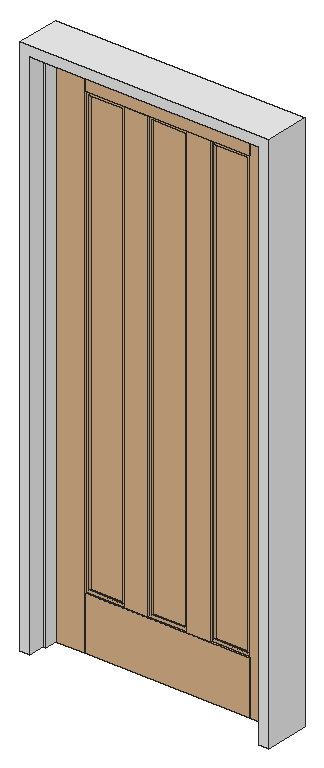
Revit family
Parameters (values of type "1 3/4" Flat Panel")
  URL = "http://www.karonadoor.com"
  Thickness Note = "Do not edit thickness."  # constant formula
  Thickness = 1.774"
  Swing Angle 2D = 90.00°
  SmartBIM Object Version = 1  # constant formula
  SmartBIM Object Created By = "Reed Construction Data"  # constant formula
  Rough Width = 0.000"
  Rough Height = 1.750"
  Panel = Panel_K3030_Karona : 1 3/4" - Flat Panel
  Model = "K3030 Mission"  # constant formula
  Manufacturer = "Karona , Inc."  # constant formula
  Detail Door Thickness = 1.750"
  Assembly Code = ""
  Top Rail Height = 5.000"
  Top Rail = Wood, Cherry - Grain Horizontal
  Stile Width = 5.063"
  Stile = Wood, Cherry - Grain Vertical
  Sticking = Wood, Cherry - Grain Vertical
  Middle Rail = Wood, Cherry - Grain Horizontal
  Height = 84.000"
  Wall Closure = (empty or 0)
  Width = 36.000"
  Frame = Metal
  Bottom Rail Height = 8.500"
  Bottom Rail = Wood, Cherry - Grain Horizontal
  95 CSI = "08210"  # constant formula
  04 CSI = "08 14 33"  # constant formula
Types (9): name | Thickness | Rough Height | Panel | Detail Door Thickness
  1 3/4" Flat Panel | 1.774" | 1.750" | Panel_K3030_Karona : 1 3/4" - Flat Panel | 1.750"
  1 3/8" Flat Panel | 1.334" | 0.000" | Panel_K3030_Karona : 1 3/8" - Flat Panel | 1.375"
  2 1/4" Flat Panel | 2.250" | 0.000" | Panel_K3030_Karona : 2 1/4" - Flat Panel | 2.250"
  1 3/4" Glass Panel | 1.774" | 1.750" | Panel_K3030_Karona : 1 3/4" - Glass Panel | 1.750"
  1 3/8" Glass Panel | 1.334" | 0.000" | Panel_K3030_Karona : 1 3/8" - Glass Panel | 1.375"
  2 1/4" Glass Panel | 2.250" | 0.000" | Panel_K3030_Karona : 2 1/4" - Glass | 2.250"
  1 3/4" Raised Panel | 1.774" | 1.750" | Panel_K3030_Karona : 1 3/4" - Raised Panel | 1.750"
  1 3/8" Raised Panel | 1.334" | 0.000" | Panel_K3030_Karona : 1 3/8" - Raised Panel | 1.375"
  2 1/4" Raised Panel | 2.250" | 0.000" | Panel_K3030_Karona : 2 1/4" - Raised Panel | 2.250"
Reference planes (in)
  plane 1 "Center (Front/Back)": y = 0
  plane 2 "Center (Left/Right)": x = 0
  plane 3 "Left": x = -18
  plane 4 "Right": x = 18
  plane 5 "Top": z = 84
  plane 6 "Exterior Edge of Frame": y = 3.5
  plane 7 "Interior Edge of Frame": y = -3.5
  plane 8: y = 1
  plane 9: y = -1
  plane 10 "Opening Left": x = -19.5
  plane 11 "Opening Right": x = 19.5
  plane 12 "Top of Opening": z = 85.5
  plane 13: x = -17.5
Forms (in)
  Sweep 1, solid, material "Metal" <- "Frame"
    path origin (0, 0, 0) x (1, 0, 0) y (0, 0, 1)
      loop
        line (-19.5, 0) -> (-19.5, 85.5) -> (19.5, 85.5) -> (19.5, 0)
    profile origin (-19.5, 0, 42.75) x (-1, 0, 0) y (0, -1, 0)
      loop
        line (0, -3.5) -> (0, 3.5) -> (-1.5, 3.5) -> (-1.5, 1) -> (-2, 1) -> (-2, -1) -> (-1.5, -1) -> (-1.5, -3.5) -> (0, -3.5)
Lines and regions (in)
  Opening 1
    outline origin (-90, -3, 0) x (1, 0, 0) y (0, 0, 1)
      loop
        line (70.5, 0) -> (109.5, 0) -> (109.5, 85.5) -> (70.5, 85.5) -> (70.5, 0)
  symbolic lines, style "Elevation Swing"
    curve 1: line (18, 3, 0) -> (-18, 3, 42)
    curve 2: line (-18, 3, 42) -> (18, 3, 84)
Text (in)
  text "Exterior" at (-46.13199, 20.20143, 0), in view "Ref. Level"
  text "Interior" at (-46.13199, -10.56751, 0), in view "Ref. Level"
  text "Exterior" at (0, 40.15149, 123.01588), in view "Right"
  text "Interior" at (0, -64.39139, 123.01588), in view "Right"
  text "Interior" at (0, -31.01599, 123.00693), in view "Left"
  text "Exterior" at (0, 54.57065, 123.00693), in view "Left"
Dimensions and locks (in)
  "Height": level to plane 5 "Top"
  "Width": plane 3 "Left" to plane 4 "Right"
  equal spacing: host wall, curve 2, plane 5 "Top"
  locked: host wall to plane 7 "Interior Edge of Frame" at 0.5
  locked: plane 6 "Exterior Edge of Frame" to host wall at 0.5
  locked: plane 9 to plane 7 "Interior Edge of Frame" at 2.5
  locked: plane 6 "Exterior Edge of Frame" to plane 8 at 2.5
  equal spacing: plane 3 "Left", plane 2 "Center (Left/Right)", plane 4 "Right"
  locked: plane 4 "Right" to plane 11 "Opening Right" at 1.5
  locked: plane 5 "Top" to plane 12 "Top of Opening" at 1.5
  locked: plane 3 "Left" to plane 13 at 0.5
  locked: plane 10 "Opening Left" to plane 3 "Left" at 1.5
  aligned and locked: Opening 1 sketch curve to level
  aligned and locked: plane 4 "Right" to curve 1
  aligned and locked: plane 3 "Left" to curve 1
  aligned and locked: plane 5 "Top" to curve 2
  aligned and locked: Opening 1 sketch curve to plane 11 "Opening Right"
  aligned and locked: plane 12 "Top of Opening" to Opening 1 sketch curve
  aligned and locked: Opening 1 sketch curve to plane 10 "Opening Left"
  aligned and locked: plane 10 "Opening Left" to Sweep 1 sketch curve
  aligned and locked: plane 12 "Top of Opening" to Sweep 1 sketch curve
  aligned and locked: plane 11 "Opening Right" to Sweep 1 sketch curve
  aligned and locked: level to Sweep 1 sketch curve  (x2)
  aligned and locked: Sweep 1 sketch curve to plane 10 "Opening Left"
  aligned and locked: Sweep 1 sketch curve to plane 6 "Exterior Edge of Frame"
  aligned and locked: Sweep 1 sketch curve to plane 7 "Interior Edge of Frame"
  aligned and locked: Sweep 1 sketch curve to plane 8
  aligned and locked: Sweep 1 sketch curve to plane 9
  aligned and locked: plane 13 to Sweep 1 sketch curve
  aligned and locked: plane 3 "Left" to Sweep 1 sketch curve  (x2)
  aligned and locked: nested 1 to plane 2 "Center (Left/Right)"
  aligned and locked: nested 1 to plane 8
  aligned and locked: nested 2 to plane 3 "Left"
  aligned and locked: nested 2 to plane 8
Automatic sketch dimensions
  curve 1 to level = 0.000"
  curve 2 to plane 4 "Right" = 0.000"
Nested families (in)
  nested 1: "Panel_K3030_Karona" at (-13.5, 0.6575, 0) x (-1, 0, 0) z (0, 0, 1), type <- "Panel", type "1 3/4" - Flat Panel"
    with Panel Height 70.500", Height 84.000"
  nested 2: "Door Panel Plan View" at (-31.5, 1, 0) x (-1, 0, 0) z (0, 0, 1), type "Door Panel Plan View"
    with Thickness 1.750", Height 84.000"
Definition of nested family "Panel_K3030_Karona"
  Parameters (values of type "1 3/4" - Flat Panel")
    Width = 36.000"
    Top Rail Material = Wood, Cherry - Grain Horizontal
    Top Rail Height = 5.000"
    Thickness Note = "Do not change door thickness"  # constant formula
    Thickness = 1.774"
    Stile Width = 5.063"
    Stile Material = Wood, Cherry - Grain Vertical
    Sticking Material = Wood, Cherry - Grain Vertical
    Panel Width = (Width - (2 * Stile Width) - (2 * Mullion Width)) / 3  # 6.208"
    Panel Height = Height - (Bottom Rail Height + Top Rail Height)  # 66.500"
    Panel = Glass-Sticking-Assembly-Mission_Karona : Flat Panel
    Mullion Width = 3.625"  # constant formula
    Interior Panel = Wood, Cherry - Grain Vertical
    Height = 80.000"
    Half Panel Width = 0.5 * Panel Width  # 3.104"
    Exterior Edge - Glass Bottom Offset = if(Thickness = 1.774", 0.567", if(Thickness = 2.250", 0.803", 0.469"))  # 0.567"
    Door Panel Material = Wood, Cherry - Grain Vertical
    Default Elevation = 0.000"  # constant formula
    Bottom Rail Material = Wood, Cherry - Grain Horizontal
    Bottom Rail Height = 8.500"
    Assembly Code = ""
  Types (9): name | Thickness | Stile Width | Panel Width | Panel | Interior Panel | Half Panel Width | Exterior Edge - Glass Bottom Offset
    2 1/4" - Flat Panel | 2.250" | 5.250" | 6.08333" | Glass-Sticking-Assembly-Mission_Karona : Flat Panel | Wood, Cherry - Grain Vertical | 3.04167" | 0.803"
    2 1/4" - Glass | 2.250" | 5.250" | 6.08333" | Glass-Sticking-Assembly-Mission_Karona : Glass Panel | Glass | 3.04167" | 0.803"
    2 1/4" - Raised Panel | 2.250" | 5.250" | 6.08333" | Glass-Sticking-Assembly-Mission_Karona : Raised Panel | Wood, Cherry - Grain Vertical | 3.04167" | 0.803"
    1 3/4" - Raised Panel | 1.774" | 5.250" | 6.08333" | Glass-Sticking-Assembly-Mission_Karona : Raised Panel | Wood, Cherry - Grain Vertical | 3.04167" | 0.567"
    1 3/4" - Flat Panel | 1.774" | 5.063" | 6.208" | Glass-Sticking-Assembly-Mission_Karona : Flat Panel | Wood, Cherry - Grain Vertical | 3.104" | 0.567"
    1 3/4" - Glass Panel | 1.774" | 5.250" | 6.08333" | Glass-Sticking-Assembly-Mission_Karona : Glass Panel | Glass | 3.04167" | 0.567"
    1 3/8" - Raised Panel | 1.334" | 5.250" | 6.08333" | Glass-Sticking-Assembly-Mission_Karona : Raised Panel | Wood, Cherry - Grain Vertical | 3.04167" | 0.469"
    1 3/8" - Glass Panel | 1.334" | 5.250" | 6.08333" | Glass-Sticking-Assembly-Mission_Karona : Glass Panel | Glass | 3.04167" | 0.469"
    1 3/8" - Flat Panel | 1.334" | 5.250" | 6.08333" | Glass-Sticking-Assembly-Mission_Karona : Flat Panel | Wood, Cherry - Grain Horizontal | 3.04167" | 0.469"
  Reference planes (in)
    plane 1 "Center (Front/Back)": y = 1.2295
    plane 2: z = 0
    plane 3 "Center (Left/Right)": x = -13.5
    plane 4 "Left": x = -31.5
    plane 5: x = 4.5
    plane 6 "Inner Left": x = -26.437
    plane 7 "Inner Right": x = -0.563
    plane 8: z = 8.5
    plane 9 "Bottom Of Top Rail": z = 75
    plane 10 "Top": z = 80
    plane 11 "Interior Edge of Door": y = 2.1165
    plane 12: z = 75
    plane 13 "Exterior Edge of Door": y = 0.3425
    plane 14 "Bottom of Glass": y = 0.9095
    plane 15 "Left Panel Vertical Midline": x = -23.333
    plane 16 "Right Panel Vertical Midline": x = -3.667
    plane 17 "Center of Left Vertical Mullion": x = -18.4165
    plane 18 "Center of Right Vertical Mullion": x = -8.5835
  Forms (in)
    Extrusion 1, solid, material "Wood, Cherry - Grain Horizontal" <- "Bottom Rail Material"
      sketch origin (0, -101.3125, 0) x (1, 0, 0) y (0, 0, 1)
        loop
          line (-26.437, 0) -> (-0.563, 0) -> (-0.563, 8.5) -> (-26.437, 8.5) -> (-26.437, 0)
      from -103.429 to -101.655
    Extrusion 2, solid, material "Wood, Cherry - Grain Vertical" <- "Stile Material"
      sketch origin (0, 1.2295, 0) x (1, 0, 0) y (0, 0, 1)
        loop
          line (-31.5, 80) -> (-31.5, 0) -> (-26.437, 0) -> (-26.437, 80) -> (-31.5, 80)
        loop
          line (-0.563, 0) -> (4.5, 0) -> (4.5, 80) -> (-0.563, 80) -> (-0.563, 0)
      from -0.887 to 0.887
    Extrusion 3, solid, material "Wood, Cherry - Grain Horizontal" <- "Top Rail Material"
      sketch origin (0, 1.2295, 0) x (1, 0, 0) y (0, 0, 1)
        loop
          line (-26.437, 80) -> (-26.437, 75) -> (-0.563, 75) -> (-0.563, 80) -> (-26.437, 80)
      from -0.887 to 0.887
    Extrusion 4, solid, material "Wood, Cherry - Grain Vertical" <- "Stile Material"
      sketch origin (0, 1.2295, 0) x (1, 0, 0) y (0, 0, 1)
        loop
          line (-20.229, 8.5) -> (-16.604, 8.5) -> (-16.604, 75) -> (-20.229, 75) -> (-20.229, 8.5)
        loop
          line (-10.396, 8.5) -> (-6.771, 8.5) -> (-6.771, 75) -> (-10.396, 75) -> (-10.396, 8.5)
      from -0.887 to 0.887
  Text (in)
    text "EXTERIOR" at (-34.59289, -1.27941, 0), in view "Ref. Level"
    text "EXTERIOR" at (0, -9.65287, 72.76687), in view "Left"
    text "EXTERIOR" at (0, -33.33473, 96.68074), in view "Right"
  Dimensions and locks (in)
    equal spacing: plane 4 "Left", plane 3 "Center (Left/Right)", plane 5
    "Width": plane 4 "Left" to plane 5
    "Stile Width": plane 4 "Left" to plane 6 "Inner Left"
    "Stile Width": plane 5 to plane 7 "Inner Right"
    "Bottom Rail Height": plane 8 to plane 2
    "Top Rail Height": plane 10 "Top" to plane 9 "Bottom Of Top Rail"
    "Height": plane 10 "Top" to plane 2
    equal spacing: plane 11 "Interior Edge of Door", plane 1 "Center (Front/Back)", plane 13 "Exterior Edge of Door"
    "Thickness": plane 11 "Interior Edge of Door" to plane 13 "Exterior Edge of Door"
    "Exterior Edge - Glass Bottom Offset": plane 14 "Bottom of Glass" to plane 13 "Exterior Edge of Door"
    "Exterior Edge - Glass Bottom Offset": plane 13 "Exterior Edge of Door" to plane 14 "Bottom of Glass"
    "Half Panel Width": plane 15 "Left Panel Vertical Midline" to plane 6 "Inner Left"
    "Half Panel Width": plane 7 "Inner Right" to plane 16 "Right Panel Vertical Midline"
    equal spacing: plane 3 "Center (Left/Right)", plane 17 "Center of Left Vertical Mullion", plane 15 "Left Panel Vertical Midline"
    equal spacing: Extrusion 4 sketch curve, plane 17 "Center of Left Vertical Mullion", Extrusion 4 sketch curve
    locked: Extrusion 4 sketch curve to Extrusion 4 sketch curve at 3.625  (x2)
    equal spacing: plane 16 "Right Panel Vertical Midline", plane 18 "Center of Right Vertical Mullion", plane 3 "Center (Left/Right)"
    equal spacing: Extrusion 4 sketch curve, plane 18 "Center of Right Vertical Mullion", Extrusion 4 sketch curve
    aligned and locked: Extrusion 1 to plane 2
    aligned and locked: plane 11 "Interior Edge of Door" to Extrusion 1
    aligned and locked: plane 4 "Left" to Extrusion 2 sketch curve
    aligned and locked: Extrusion 2 sketch curve to plane 10 "Top"
    aligned and locked: Extrusion 2 sketch curve to Extrusion 1  (x3)
    aligned and locked: Extrusion 1 to Extrusion 2 sketch curve
    aligned and locked: plane 10 "Top" to Extrusion 2 sketch curve
    aligned and locked: plane 5 to Extrusion 2 sketch curve
    aligned and locked: plane 11 "Interior Edge of Door" to Extrusion 2
    aligned and locked: Extrusion 2 to Extrusion 3 sketch curve
    aligned and locked: Extrusion 3 sketch curve to Extrusion 2
    aligned and locked: plane 11 "Interior Edge of Door" to Extrusion 3
    aligned and locked: plane 12 to plane 9 "Bottom Of Top Rail"
    aligned and locked: level to plane 2
    aligned and locked: Extrusion 3 to plane 13 "Exterior Edge of Door"
    aligned and locked: Extrusion 3 to plane 11 "Interior Edge of Door"
    aligned and locked: Extrusion 2 to plane 13 "Exterior Edge of Door"
    aligned and locked: Extrusion 3 to plane 12
    aligned and locked: Extrusion 1 to Extrusion 2
    aligned and locked: nested 1 to plane 8
    aligned and locked: nested 1 to plane 1 "Center (Front/Back)"
    aligned and locked: nested 1 to plane 15 "Left Panel Vertical Midline"
    aligned and locked: nested 2 to plane 8
    aligned and locked: nested 3 to plane 8
    aligned and locked: plane 3 "Center (Left/Right)" to nested 3
    aligned and locked: nested 3 to plane 1 "Center (Front/Back)"
    aligned and locked: nested 2 to plane 1 "Center (Front/Back)"
    aligned and locked: nested 2 to plane 16 "Right Panel Vertical Midline"
    aligned and locked: Extrusion 4 sketch curve to plane 12  (x2)
    aligned and locked: Extrusion 4 sketch curve to plane 8  (x2)
    aligned and locked: plane 11 "Interior Edge of Door" to Extrusion 4
    aligned and locked: Extrusion 4 to plane 13 "Exterior Edge of Door"
  Automatic sketch dimensions
    Extrusion 1 sketch curve to plane 6 "Inner Left" = 0.000"
    Extrusion 1 sketch curve to plane 7 "Inner Right" = 0.000"
    Extrusion 1 sketch curve to level = 0.000"
    Extrusion 1 sketch curve to plane 8 = 0.000"
    Extrusion 3 sketch curve to plane 7 "Inner Right" = 0.000"
    plane 9 "Bottom Of Top Rail" to Extrusion 3 sketch curve = 0.000"
  Nested families (in)
    nested 1: "Glass-Sticking-Assembly-Mission_Karona" at (-23.80175, 1.38, 8.5), Width <- "Panel Width", Height <- "Panel Height", type <- "Panel", type "Flat Panel"
      with Width 6.208", Height 66.500", Stop Adjustment 0.513", Door Thickness 1.774", C 0.200", B 0.567", A 0.197"
    nested 2: "Glass-Sticking-Assembly-Mission_Karona" at (-4.13575, 1.38, 8.5), Width <- "Panel Width", Height <- "Panel Height", type <- "Panel", type "Flat Panel"
      with Width 6.208", Height 66.500", Stop Adjustment 0.513", Door Thickness 1.774", C 0.200", B 0.567", A 0.197"
    nested 3: "Glass-Sticking-Assembly-Mission_Karona" at (-13.96875, 1.38, 8.5), Width <- "Panel Width", Height <- "Panel Height", type <- "Panel", type "Flat Panel"
      with Width 6.208", Height 66.500", Stop Adjustment 0.513", Door Thickness 1.774", C 0.200", B 0.567", A 0.197"
  Definition of nested family "Glass-Sticking-Assembly-Mission_Karona"
    Parameters (values of type "Raised Panel")
      Width [instance] = 4.000"
      Stop Adjustment = if(and(not(Glass Panel), Door Thickness = 1.774"), 0.513", if(and(not(Glass Panel), Door Thickness = 2.250"), 0.513", if((Glass Panel), 0.125", 0.273")))  # 0.513"
      Profile = Wood, Cherry - Grain Vertical
      Height [instance] = 23.000"
      Raised Panel = yes
      Interior Panel = Wood, Cherry - Grain Vertical
      Glass Panel = no
      Door Thickness = 2.250"
      C = if(Door Thickness = 1.774", 0.200", if(Door Thickness = 2.250", 0.439", 0.191"))  # 0.439"
      B = if(Door Thickness = 1.774", 0.567", if(Door Thickness = 2.250", 0.803", 0.469"))  # 0.803"
      Assembly Code = ""
      A = if(Door Thickness = 1.774", 0.197", if(Door Thickness = 2.250", 0.433", 0.194"))  # 0.433"
    Types (3): name | Width | Stop Adjustment | Raised Panel | Glass Panel | Door Thickness | C | B | A
      Glass Panel | 19.000" | 0.125" | no | yes | 2.250" | 0.439" | 0.803" | 0.433"
      Flat Panel | 4.500" | 0.273" | no | no | 1.334" | 0.191" | 0.469" | 0.194"
      Raised Panel | 4.000" | 0.513" | yes | no | 2.250" | 0.439" | 0.803" | 0.433"
    Reference planes (in)
      plane 1 "Stop Adjustment Edge": y = -0.3455
      plane 2: z = 0
      plane 3 "Center (Left/Right)": x = 0.46875
      plane 4 "Back": y = 0.9765
      plane 5 "Front": y = -1.2735
      plane 6 "Left": x = -1.53125
      plane 7 "Right": x = 2.46875
      plane 8 "Top": z = 23
      plane 9 "Center (Up/Down)": z = 11.5
      plane 10 "Bottom of Stop": y = 0.1675
      plane 11 "Bottom of Glass": y = -0.4705
      plane 12 "Right Edge of Glass": x = 2.41875
      plane 13 "Left Edge of Glass": x = -1.48125
      plane 14 "Top Edge of Glass": z = 22.90625
      plane 15 "Bottom Edge of Glass": z = 0.09375
      plane 16: x = 2.34375
      plane 17: x = 9.40625
      plane 18 "A": y = -0.8405
      plane 19 "C": y = 0.5375
      plane 20: z = 0.438
      plane 21: z = 22.562
      plane 22: x = -1.09325
      plane 23: x = 2.03075
      plane 24 "Center (Front/Back)": y = -0.1485
    Forms (in)
      Sweep 1, solid, material "Wood, Cherry - Grain Vertical" <- "Profile"
        path origin (0, -0.3455, 0) x (1, 0, 0) y (0, 0, 1)
          loop
            line (2.46875, 23) -> (-1.53125, 23) -> (-1.53125, 0) -> (2.46875, 0) -> (2.46875, 23)
        profile origin (2.46875, -0.3455, 11.5) x (0, -1, 0) y (1, 0, 0)
          loop
            line (-0.883, 0) -> (-0.883, -0.438) -> (-0.513, -0.438) -> (-0.513, -0.05) -> (0.125, -0.05) -> (0.125, -0.438) -> (0.495, -0.438) -> (0.495, 0) -> (-0.883, 0)
      Extrusion 2, solid, material "Wood, Cherry - Grain Vertical" <- "Interior Panel"
        sketch origin (0, 0, 0) x (1, 0, 0) y (0, 1, 0)
          loop
            line (-1.48125, 0.1675) -> (-1.48125, -0.4705) -> (2.41875, -0.4705) -> (2.41875, 0.1675) -> (-1.48125, 0.1675)
        from 0.09375 to 22.90625
      Extrusion 3, solid, material "Wood, Cherry - Grain Vertical" <- "Profile", visible <- "Raised Panel"
        sketch origin (0, 0, 0) x (1, 0, 0) y (0, 1, 0)
          loop
            line (2.03075, 0.5375) -> (-1.09325, 0.5375) -> (-1.09325, 0.1675) -> (2.03075, 0.1675) -> (2.03075, 0.5375)
          loop
            line (-1.09325, -0.4705) -> (-1.09325, -0.8405) -> (2.03075, -0.8405) -> (2.03075, -0.4705) -> (-1.09325, -0.4705)
        from 0.438 to 22.562
      Sweep 4, void
        path origin (0, 0.1675, 0) x (-1, 0, 0) y (0, 0, 1)
          loop
            line (1.53125, 0) -> (1.53125, 23) -> (-2.46875, 23) -> (-2.46875, 0) -> (1.53125, 0)
        profile "Profile : 05" origin (-1.53125, 0.1675, 11.5) x (1, 0, 0) y (0, 1, 0)
          loop
            line (0, 0.05) -> (0.36169, 0.05096)
            arc (0.36169, 0.05096) -> (1.01257, 0.13642) -> (1.61934, 0.387) r 2.52143
            line (1.61934, 0.387) -> (0, 0.387) -> (0, 0.05)
      Sweep 5, void
        path origin (0, -0.4705, 0) x (-1, 0, 0) y (0, 0, 1)
          loop
            line (-2.46875, 23) -> (-2.46875, 0) -> (1.53125, 0) -> (1.53125, 23) -> (-2.46875, 23)
        profile "Profile : 05" origin (2.46875, -0.4705, 11.5) x (-1, 0, 0) y (0, 1, 0)
          loop
            line (0, -0.05) -> (0, -0.387) -> (1.61934, -0.387)
            arc (1.61934, -0.387) -> (1.01257, -0.13642) -> (0.36169, -0.05096) r 2.52143
            line (0.36169, -0.05096) -> (0, -0.05)
    Cuts and joins
      Sweep 4, Sweep 5 cuts Extrusion 3
    Text (in)
      text "INTERIOR" at (-14.3788, 3.49864, 0), in view "Ref. Level"
    Dimensions and locks (in)
      equal spacing: plane 6 "Left", plane 3 "Center (Left/Right)", plane 7 "Right"
      "Width": plane 6 "Left" to plane 7 "Right"
      "Door Thickness": plane 4 "Back" to plane 5 "Front"
      "Height": plane 8 "Top" to plane 2
      equal spacing: plane 8 "Top", plane 9 "Center (Up/Down)", level
      locked: plane 1 "Stop Adjustment Edge" to plane 11 "Bottom of Glass" at 0.125
      "Stop Adjustment": plane 10 "Bottom of Stop" to plane 1 "Stop Adjustment Edge"
      locked: plane 12 "Right Edge of Glass" to plane 7 "Right" at 0.05
      locked: plane 8 "Top" to plane 14 "Top Edge of Glass" at 0.09375
      locked: plane 15 "Bottom Edge of Glass" to level at 0.09375
      locked: plane 6 "Left" to plane 13 "Left Edge of Glass" at 0.05
      "B": plane 5 "Front" to plane 11 "Bottom of Glass"
      locked: plane 16 to plane 7 "Right" at 0.125
      "A": plane 5 "Front" to plane 18 "A"
      "C": plane 19 "C" to plane 4 "Back"
      plane 4 "Back" to Sweep 1 = 0.809"
      locked: plane 20 to level at 0.438
      locked: plane 8 "Top" to plane 21 at 0.438
      locked: plane 6 "Left" to plane 22 at 0.438
      locked: plane 23 to plane 7 "Right" at 0.438
      equal spacing: plane 4 "Back", plane 24 "Center (Front/Back)", plane 5 "Front"
      aligned and locked: Sweep 1 sketch curve to plane 7 "Right"
      aligned and locked: Sweep 1 sketch curve to plane 8 "Top"
      aligned and locked: Sweep 1 sketch curve to plane 6 "Left"
      aligned and locked: Sweep 1 sketch curve to level
      aligned and locked: plane 7 "Right" to Sweep 1 sketch curve
      aligned and locked: plane 10 "Bottom of Stop" to Sweep 1 sketch curve
      aligned and locked: plane 11 "Bottom of Glass" to Sweep 1 sketch curve
      aligned and locked: plane 18 "A" to Sweep 1 sketch curve
      aligned and locked: Sweep 1 sketch curve to plane 19 "C"
      aligned and locked: Extrusion 2 sketch curve to plane 13 "Left Edge of Glass"
      aligned and locked: Extrusion 2 sketch curve to plane 10 "Bottom of Stop"
      aligned and locked: Extrusion 2 sketch curve to plane 11 "Bottom of Glass"
      aligned and locked: Extrusion 2 sketch curve to plane 12 "Right Edge of Glass"
      aligned and locked: plane 14 "Top Edge of Glass" to Extrusion 2
      aligned and locked: Extrusion 2 to plane 15 "Bottom Edge of Glass"
      aligned and locked: Extrusion 3 sketch curve to plane 19 "C"
      aligned and locked: Extrusion 3 sketch curve to plane 10 "Bottom of Stop"
      aligned and locked: Extrusion 3 sketch curve to plane 11 "Bottom of Glass"
      aligned and locked: Extrusion 3 sketch curve to plane 18 "A"
      aligned and locked: Extrusion 3 to plane 20
      aligned and locked: Extrusion 3 to plane 21
      aligned and locked: plane 12 "Right Edge of Glass" to Sweep 1 sketch curve
      aligned and locked: plane 23 to Extrusion 3 sketch curve  (x2)
      aligned and locked: Extrusion 3 sketch curve to plane 22  (x2)
      aligned and locked: plane 23 to Sweep 1 sketch curve  (x2)
      aligned and locked: Sweep 5 sketch curve to plane 6 "Left"
      aligned and locked: plane 8 "Top" to Sweep 5 sketch curve
      aligned and locked: Sweep 5 sketch curve to plane 7 "Right"
      aligned and locked: level to Sweep 5 sketch curve
      aligned and locked: Sweep 4 sketch curve to plane 7 "Right"
      aligned and locked: plane 8 "Top" to Sweep 4 sketch curve
      aligned and locked: Sweep 4 sketch curve to plane 6 "Left"
      aligned and locked: level to Sweep 4 sketch curve
Definition of nested family "Door Panel Plan View"
  Parameters (values of type "Door Panel Plan View")
    Width = 36.000"
    Thickness = 2.000"
    Swing Angle 2D = 90.00°
    Height = 0.000"
    Assembly Code = ""
  Reference planes (in)
    plane 1 "Center (Front/Back)": y = 0
    plane 2: z = 0
    plane 3 "Center (Left/Right)": x = -13.5
  Lines and regions (in)
    symbolic lines, style "DoorsPanelProjection"
      curve 1: line (-13.5, 0, 0) -> (-13.5, 36, 0)
      curve 2: line (-15.5, 0, 0) -> (-15.5, 36, 0)
      curve 3: line (-13.5, 0, 0) -> (-15.5, 0, 0)
      curve 4: line (-13.5, 36, 0) -> (-15.5, 36, 0)
    symbolic lines, style "Plan Swing"
      curve 5: arc (-13.5, 36, 0) -> (-38.95584, 25.45584, 0) -> (-49.5, 0, 0) r 36
  Dimensions and locks (in)
    "Width": curve 4 to curve 3
    "Thickness": curve 1 to curve 2
    "Swing Angle 2D": angle curve 1 to plane 1 "Center (Front/Back)"
    aligned and locked: plane 1 "Center (Front/Back)" to curve 5
  Automatic sketch dimensions
    curve 3 to plane 1 "Center (Front/Back)" = 0.000"
    curve 5 to plane 3 "Center (Left/Right)" = 0.000"
    curve 3 to plane 3 "Center (Left/Right)" = 0.000"
